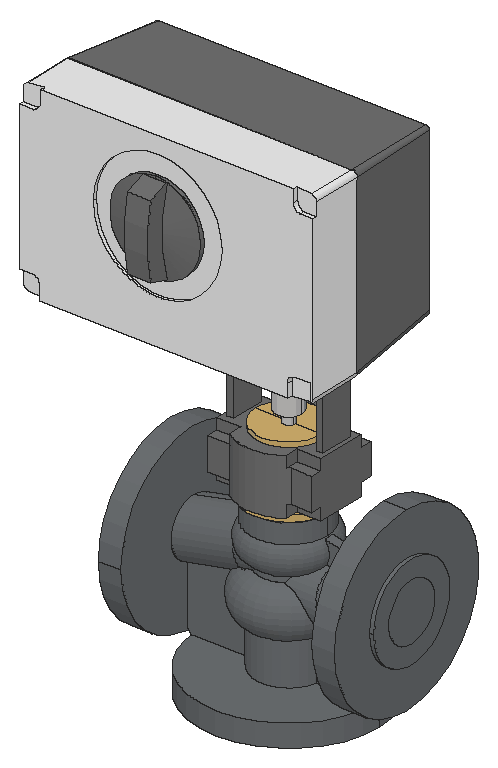
Revit family "VF3_DN15-DN100_AMV(E) 25(35)_RFA_1", category Pipe Accessories, Revit 2019 (continued)
Definition of nested family "Schematic_3-Way Valve_Flange"
  Dimensions and locks
    "H": plane 1 "Center (Front/Back)" to plane 22
    "L_1": plane 22 to plane 23
    equal spacing: plane 19, plane 3 "Center (Left/Right)", plane 18
    plane 19 to plane 18 = 95 mm
    aligned and locked: level to plane 2
    aligned and locked: plane 5 to curve 1
    aligned and locked: plane 4 to curve 1
    aligned and locked: plane 4 to curve 2
    aligned and locked: plane 5 to curve 2
    aligned and locked: plane 12 to curve 5
    aligned and locked: curve 7 to plane 9
    aligned and locked: curve 10 to plane 8
    aligned and locked: level to curve 23
    aligned and locked: curve 24 to plane 16
    aligned and locked: plane 19 to curve 25
    aligned and locked: curve 27 to plane 18
    aligned and locked: curve 28 to plane 20
    aligned and locked: plane 11 to curve 28
    aligned and locked: plane 10 to curve 28
    aligned and locked: plane 16 to curve 23
    aligned and locked: plane 22 to curve 34
  Automatic sketch dimensions
    curve 1 to plane 7 = 0 mm
    curve 5 to plane 11 = 0 mm
    curve 4 to plane 3 "Center (Left/Right)" = 0 mm
    curve 4 to plane 10 = 0 mm
    curve 2 to plane 6 = 0 mm
    curve 10 to plane 5 = 0 mm
    curve 8 to plane 5 = 0 mm
    curve 9 to plane 4 = 0 mm
    curve 6 to plane 4 = 0 mm
    curve 27 to plane 17 = 0 mm
    curve 18 to plane 7 = 0 mm
    curve 16 to plane 8 = 0 mm
    curve 22 to plane 11 = 0 mm
    curve 29 to plane 11 = 0 mm
    curve 32 to plane 19 = 0 mm
    plane 1 "Center (Front/Back)" to curve 15 = 0 mm
    curve 15 to plane 3 "Center (Left/Right)" = 0 mm
    curve 33 to plane 18 = 0 mm
    curve 29 to plane 10 = 0 mm
    curve 21 to plane 10 = 0 mm
    curve 13 to plane 9 = 0 mm
    curve 19 to plane 6 = 0 mm
    plane 21 to curve 29 = 0 mm
    plane 13 to curve 21 = 0 mm
    plane 15 to curve 16 = 0 mm
    plane 15 to curve 18 = 0 mm
    plane 15 to curve 14 = 0 mm
    plane 15 to curve 19 = 0 mm
    plane 14 to curve 19 = 0 mm
    plane 14 to curve 18 = 0 mm
    plane 14 to curve 16 = 0 mm
    plane 14 to curve 13 = 0 mm
    plane 23 to curve 33 = 0 mm
Types (13, lengths in mm): name | l_Top | W | TL | L_EXT | L | HR | Weight | W2D | W2 | W1 | V_SMALL | V_DN100 | Stroke | R_arc | R_Top | R6_2 | R6 | R_Flow Pipe | R_Flange Bottom | R2_Revolve | R2 | R1_Revolve | R1_2 | R1_1_1 | R1_1 | R1 | Offset Flow Pipe_1 | Offset Flow Pipe_2 | N2 | Model Type | Model | M | L_S | L2 | Kvs | HR1 | TH1 | HH1 | HE1 | HE | HB3 | HB1__ve | HB1 | H1 | H | Flange Bottom Depth | EXT3 | D_Connection End | D_Flange | Extrusion Top 2 | Extrusion Top | Extrusion Bottom | EXT2 | R_Vertical Valve | DN15 to DN50 | DN | D | C__ve | C2_ve | Depth_Flange | C | HH2 | Adapter assembly | A_Flow Pipe | A2 | A3 | A1_Flow Pipe | A1
  VF3_DN20_Kv6.3_065Z0256 | 3 | 116 | 150 | 85 | 150 | 28 | 3.55 kg | 14 | 20 | 18 | yes | no | "10 mm" | 35 | 12.5 | 31 | 29 | 17 | 52.5 | 8 | 11 | 10 | 12.5 | 19.5 | 20 | 23 | 6 | 6.47 | 5 | "VF3_DN20_Kv6.3" | "065Z0256" | 3 | 48 | 75 | 6.3 m³/h | 25 | 97.3 | 87.3 | 57 | 0 | 2.5 | -40 | 40 | 33.5 | 278.7 | 13.5 | 18 | 60 | 105 | 8 | 27 | 55 | -54 | 18 | yes | 20 | 20 | -2.5 | -13.5 | 13.5 | 2.5 | 70 | 1.5 | 165.00° | 47.1206° | 15.00° | 168.00° | 3
  VF3_DN25_Kv10_065Z0257 | 3 | 121 | 160 | 90 | 160 | 31 | 4.54 kg | 15 | 20 | 18 | yes | no | "10 mm" | 36 | 12.5 | 36 | 34 | 19 | 57.5 | 9 | 11 | 11.5 | 12.5 | 20.5 | 21 | 25 | 9 | 6.47 | 5 | "VF3_DN25_Kv10" | "065Z0257" | 3 | 48 | 80 | 10.0 m³/h | 25 | 101 | 91 | 60 | 0 | 2.5 | -40 | 40 | 37 | 278.7 | 14.5 | 15 | 70 | 115 | 5 | 25 | 62 | -58 | 20 | yes | 25 | 25 | -2.5 | -13.5 | 13.5 | 2.5 | 75 | 1.5 | 165.00° | 47.1206° | 10.00° | 166.00° | 5
  VF3_DN32_Kv16_065Z0258 | 3 | 140 | 180 | 100 | 180 | 31 | 6.90 kg | 15 | 26 | 22 | yes | no | "15 mm" | 41 | 12.5 | 42 | 39 | 24 | 70 | 13.5 | 13 | 17 | 24 | 23.5 | 24 | 29 | 7 | 9 | 5 | "VF3_DN32_Kv16" | "065Z0258" | 3 | 48 | 90 | 16.0 m³/h | 33 | 105.5 | 95.5 | 65 | 0.3 | 2.5 | -40 | 40 | 41.5 | 278.7 | 15.5 | 20 | 80 | 140 | 10 | 35 | 72.5 | -62 | 25 | yes | 32 | 32 | -2.5 | -15.8 | 15.8 | 2.5 | 80 | 1 | 168.00° | 47.1206° | 16.00° | 170.00° | 3
  VF3_DN40_Kv25_065Z0259 | 3 | 150 | 200 | 120 | 200 | 40 | 9.05 kg | 15 | 31 | 23 | yes | no | "15 mm" | 50 | 12.5 | 46.5 | 44 | 27.5 | 75 | 23 | 11 | 25 | 18 | 28.5 | 29 | 36 | 10 | 10 | 12 | "VF3_DN40_Kv25" | "065Z0259" | 3 | 48 | 100 | 25.0 m³/h | 42 | 134 | 124 | 93.5 | 5.7 | 2.5 | -40 | 40 | 65 | 278.7 | 16 | 30 | 90 | 150 | 10 | 37 | 74 | -71.5 | 29 | yes | 40 | 40 | -2.5 | -15.8 | 15.8 | 2.5 | 90 | 0.5 | 166.00° | 47.1206° | 15.00° | 165.00° | 3
  VF3_DN50_Kv40_065Z0260 | 3 | 165 | 230 | 150 | 230 | 46 | 12.79 kg | 15 | 34 | 32 | yes | no | "15 mm" | 59 | 12.5 | 54 | 51 | 30 | 82.5 | 28 | 11 | 33 | 20.5 | 34.5 | 35 | 43.5 | 8 | 15 | 21 | "VF3_DN50_Kv40" | "065Z0260" | 3 | 65 | 115 | 40.0 m³/h | 55 | 146.5 | 136.5 | 106 | 6.3 | 3.5 | -40 | 40 | 77 | 278.7 | 16 | 30 | 105 | 165 | 10 | 50 | 82.5 | -80 | 37 | yes | 50 | 50 | -3.5 | -15.8 | 15.8 | 3.5 | 100 | 0.5 | 168.00° | 47.12° | 20.00° | 165.00° | 1
  VF3_DN65_Kv63_065Z0261 | 3 | 185 | 290 | 185 | 290 | 58 | 19.18 kg | 15 | 48 | 35 | yes | no | "20 mm" | 76 | 12.5 | 66 | 61 | 41 | 92.5 | 39 | 11 | 48 | 27 | 49.5 | 50 | 55 | 16 | 25 | 27 | "VF3_DN65_Kv63" | "065Z0261" | 3 | 97 | 145 | 63.0 m³/h | 70 | 158 | 148 | 112 | 7 | 5 | -45 | 45 | 84 | 278.7 | 19.5 | 41 | 105 | 185 | 20 | 65 | 100 | -97 | 45 | no | 65 | 65 | -3.5 | -18 | 18 | 3.5 | 120 | 4.5 | 165.00° | 30.00° | 20.00° | 165.00° | 70
  VF3_DN80_Kv100_065Z0262 | 3 | 200 | 316 | 200 | 316 | 68 | 23.73 kg | 15 | 55 | 40 | yes | no | "20 mm" | 94 | 12.5 | 69 | 64 | 44 | 100 | 50 | 100 | 63 | 27 | 55 | 55.5 | 62.5 | 25 | 21 | 25 | "VF3_DN80_Kv100" | "065Z0262" | 3 | 95 | 158 | 100.0 m³/h | 70 | 174 | 164 | 128 | 6.5 | 3.5 | -50 | 50 | 100 | 278.7 | 19.5 | 50 | 130 | 200 | 20 | 83 | 132 | -130 | 55 | no | 80 | 80 | -5.5 | -19 | 19 | 5.5 | 155 | 5 | 169.00° | 41.00° | 25.00° | 165.00° | 95
  VF3_DN15_Kv2.5_065Z0254 | 3 | 111 | 130 | 80 | 130 | 27 | 2.61 kg | 15 | 16 | 17 | yes | no | "10 mm" | 30 | 12.5 | 26 | 22.5 | 15 | 48 | 6 | 11 | 9 | 12.5 | 15.5 | 16 | 20.5 | 7 | 6.47 | 5 | "VF3_DN15_Kv2.5" | "065Z0254" | 2 | 48 | 65 | 2.5 m³/h | 23 | 95 | 85 | 54 | 0 | 2.5 | -40 | 40 | 31 | 278.7 | 12 | 20 | 50 | 95 | 5 | 21 | 48.5 | -50 | 18 | yes | 15 | 15 | -2.5 | -12 | 12 | 2.5 | 63 | 1.5 | 166.00° | 47.1206° | 13.00° | 168.00° | 3
  VF3_DN100_Kv145_065B1685 | 6 | 220 | 350 | 19 | 350 | 48.769 | 34.00 kg | 15 | 35 | 40 | no | yes | "30 mm" | 94 | 17.8 | 85 | 78 | 45 | 110 | 38 | 100 | 44 | 17 | 35 | 59 | 62.5 | 25 | 33 | 25 | "VF3_DN100_Kv145" | "065B1685" | 3 | 95 | 175 | 145.0 m³/h | 75 | 141.5 | 131.5 | 120.2 | 0 | 3.5 | -50 | 50 | 78 | 436.2 | 21 | 0 | 164 | 220 | 20 | 67 | 152 | -155 | 70 | no | 100 | 100 | -3.5 | -19 | 19 | 3.5 | 175 | 0 | 166.00° | 44.00° | 0.00° | 165.00° | 43
  VF3_DN15_Kv4.0_065Z0255 | 3 | 111 | 130 | 80 | 130 | 27 | 2.61 kg | 15 | 16 | 17 | yes | no | "10 mm" | 30 | 12.5 | 26 | 22.5 | 15 | 48 | 6 | 11 | 9 | 12.5 | 15.5 | 16 | 20.5 | 7 | 6.47 | 5 | "VF3_DN15_Kv4.0" | "065Z0255" | 2 | 48 | 65 | 4.0 m³/h | 23 | 95 | 85 | 54 | 0 | 2.5 | -40 | 40 | 31 | 278.7 | 12 | 20 | 50 | 95 | 5 | 21 | 48.5 | -50 | 18 | yes | 15 | 15 | -2.5 | -12 | 12 | 2.5 | 63 | 1.5 | 166.00° | 47.1206° | 13.00° | 168.00° | 3
  VF3_DN15_Kv1.6_065Z0253 | 3 | 111 | 130 | 80 | 130 | 27 | 2.61 kg | 15 | 16 | 17 | yes | no | "10 mm" | 30 | 12.5 | 26 | 22.5 | 15 | 48 | 6 | 11 | 9 | 12.5 | 15.5 | 16 | 20.5 | 7 | 6.47 | 5 | "VF3_DN15_Kv1.6" | "065Z0253" | 2 | 48 | 65 | 1.6 m³/h | 23 | 95 | 85 | 54 | 0 | 2.5 | -40 | 40 | 31 | 278.7 | 12 | 20 | 50 | 95 | 5 | 21 | 48.5 | -50 | 18 | yes | 15 | 15 | -2.5 | -12 | 12 | 2.5 | 63 | 1.5 | 166.00° | 47.1206° | 13.00° | 168.00° | 3
  VF3_DN15_Kv1.0_065Z0252 | 3 | 111 | 130 | 80 | 130 | 27 | 2.61 kg | 15 | 16 | 17 | yes | no | "10 mm" | 30 | 12.5 | 26 | 22.5 | 15 | 48 | 6 | 11 | 9 | 12.5 | 15.5 | 16 | 20.5 | 7 | 6.47 | 5 | "VF3_DN15_Kv1.0" | "065Z0252" | 2 | 48 | 65 | 1.0 m³/h | 23 | 95 | 85 | 54 | 0 | 2.5 | -40 | 40 | 31 | 278.7 | 12 | 20 | 50 | 95 | 5 | 21 | 48.5 | -50 | 18 | yes | 15 | 15 | -2.5 | -12 | 12 | 2.5 | 63 | 1.5 | 166.00° | 47.1206° | 13.00° | 168.00° | 3
  VF3_DN15_Kv0.63_065Z0251 | 3 | 111 | 130 | 80 | 130 | 27 | 2.61 kg | 15 | 16 | 17 | yes | no | "10 mm" | 30 | 12.5 | 26 | 22.5 | 15 | 48 | 6 | 11 | 9 | 12.5 | 15.5 | 16 | 20.5 | 7 | 6.47 | 5 | "VF3_DN15_Kv0.63" | "065Z0251" | 2 | 48 | 65 | 0.63 m³/h | 23 | 95 | 85 | 54 | 0 | 2.5 | -40 | 40 | 31 | 278.7 | 12 | 20 | 50 | 95 | 5 | 21 | 48.5 | -50 | 18 | yes | 15 | 15 | -2.5 | -12 | 12 | 2.5 | 63 | 1.5 | 166.00° | 47.1206° | 13.00° | 168.00° | 3
